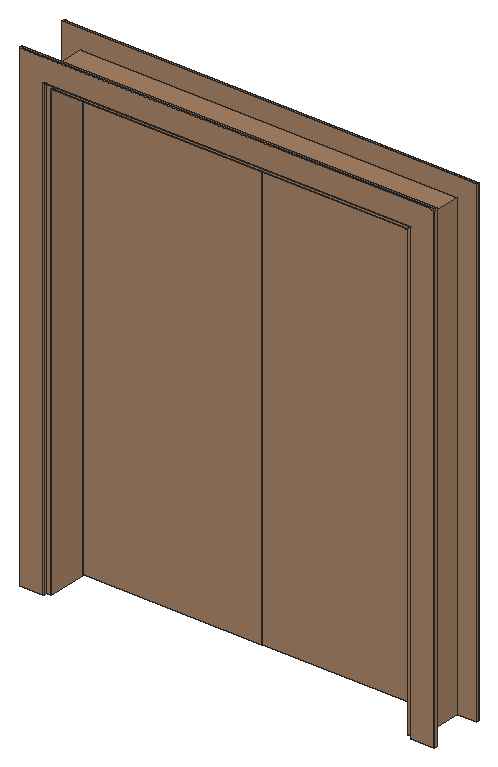
Revit family "DAL_A3-TD06", category Doors, host Wall, Revit 2016
Family settings
  Host = Wall
  Always vertical = Yes
  Cut with Voids When Loaded = No
  Shared = No
  Room Calculation Point = No
Parameters (values of type "TD06 1613 x 2032mm")
  Panel:Semi-Solid [instance] = not(Panel:Braced Battened)  # yes
  Panel:Braced Battened [instance] = no
  Panel Width = "1613"
  Panel Visibility [instance] = not(Over Swing)  # yes
  Panel Height = "2032"
  Over Swing [instance] = no
  Other = "Hinges as supplied by manufacturer. Manufacturer to take note of door weight and to supply hinges accordingly."
  Note = "All quantities & dimensions to be checked on site by contractor prior to ordering of any material, final quantities to be verified by architect. Schedules to be read in conjunction with latest floor layout drawings & finishing schedules."
  Model = ""
  Manufacturer = "Duro Pressings (Pty) Ltd."
  Ironmongery Type [instance] = ""
  Height = 2064 mm
  Wall Closure = By host
  Width = 1677 mm
  Hand [instance] = "DD"
  Function = Interior
  Frame Centre = 57.5 mm
  Door Panel Finish = "Stop with polyfilla spackle. Ensure that surfaces to be coated are clean, dry, firm and dust free. Apply 2-3 coats paint as specified."
  Door Panel Colour [instance] = "To be specified."
  Door Panel = "Purpose Made Semi-solid Medium Duty flush panel door leaf. 40mm thick with masonite veneer faces suitable for painting and edges to match veneer."
  Door Frame Finish = "Red oxide primer factory finish as supplied by manufacturer. Prepare and paint one coat namelcoat zinc chromate metal primer. 1 coat merit universal undercoat and 2 coats gloss enamel paint colour as per finishing schedule."
  Door Frame Colour [instance] = "To be specified."
  Door Frame = "Purpose Made 1,2mm thick pressed metal steel frame with double rebate complete with lugs and base ties as supplied by manufacturer suitable for 115mm wall."
  Description = "Purpose Made"
  Construction Type = "TD06"
  Assembly Code = ""
Reference planes
  plane 1: y = 0
  plane 2 "Center (Left/Right)": x = 0
  plane 3 "Left": x = -838.5
  plane 4 "Right": x = 838.5
  plane 5: z = 2064
  plane 6 "Exterior": y = 110
  plane 7 "Interior": y = -110
  plane 8 "Frame Edge": y = 120
  plane 9 "Frame Centre": y = 52.5
  plane 10 "Wall Edge": y = 110
Forms (mm)
  Sweep 1, solid, material "Door Veneer"
    path origin (0, 110, 0) x (1, 0, 0) y (0, 0, 1)
      loop
        line (838.5, 0) -> (838.5, 2064) -> (-838.5, 2064) -> (-838.5, 0)
    profile "Timber Framre 220mm : Timber Framre 220mm" origin (838.5, 110, 1032) x (-1, 0, 0) y (0, -1, 0)
      loop
        line (22.144, 221) -> (22.144, 231)
        arc (22.144, 231) -> (21.266, 233.121) -> (19.144, 234) r 3
        line (19.144, 234) -> (-82.856, 234)
        arc (-82.856, 234) -> (-84.977, 233.121) -> (-85.856, 231) r 3
        line (-85.856, 231) -> (-85.856, 221) -> (22.144, 221)
      loop
        line (22.144, -1) -> (-85.856, -1) -> (-85.856, -11)
        arc (-85.856, -11) -> (-84.977, -13.121) -> (-82.856, -14) r 3
        line (-82.856, -14) -> (19.144, -14)
        arc (19.144, -14) -> (21.266, -13.121) -> (22.144, -11) r 3
        line (22.144, -11) -> (22.144, -1)
      loop
        line (0, 0) -> (29, 0)
        arc (29, 0) -> (31.121, 0.879) -> (32, 3) r 3
        line (32, 3) -> (32, 44) -> (42, 44)
        arc (42, 44) -> (44.121, 44.879) -> (45, 47) r 3
        line (45, 47) -> (45, 217)
        arc (45, 217) -> (44.121, 219.121) -> (42, 220) r 3
        line (42, 220) -> (0, 220) -> (0, 0)
  Extrusion 2, solid, material "Door Veneer", visible <- "Panel:Semi-Solid"
    sketch origin (-3, 120, 0) x (1, 0, 0) y (0, 0, 1)
      loop
        line (805.5, 3) -> (805.5, 2029) -> (5, 2029) -> (5, 3) -> (805.5, 3)
    from 10 to 50
  Extrusion 3, solid, material "Door Veneer", visible <- "Panel:Semi-Solid"
    sketch origin (1, 120, 0) x (1, 0, 0) y (0, 0, 1)
      loop
        line (-803.5, 3) -> (-3, 3) -> (-3, 2029) -> (-803.5, 2029) -> (-803.5, 3)
    from 10 to 50
Lines and regions (mm)
  Opening 1
    outline origin (-3050, -110, 0) x (1, 0, 0) y (0, 0, 1)
      loop
        line (2211.5, 0) -> (3888.5, 0) -> (3888.5, 2064) -> (2211.5, 2064) -> (2211.5, 0)
  symbolic lines, style "Overhead"
    curve 1: line (-838.5, -110, 0) -> (838.5, -110, 0)
    curve 2: line (-838.5, 110, 0) -> (838.5, 110, 0)
  symbolic lines, style "DoorsPanelProjection", visible <- "Panel Visibility"
    curve 3: line (-803.5, 110, 0) -> (-803.5, 913.5, 0)
    curve 4: line (-759.5, 913.5, 0) -> (-759.5, 110, 0)
    curve 6: line (-803.5, 913.5, 0) -> (-759.5, 913.5, 0)
    curve 7: line (759.5, 925, 0) -> (803.5, 925, 0)
    curve 11: line (803.5, 110, 0) -> (803.5, 913.5, 0)
    curve 12: line (759.5, 913.5, 0) -> (759.5, 110, 0)
    curve 14: line (803.5, 913.5, 0) -> (759.5, 913.5, 0)
  symbolic lines, style "Plan Swing"
    curve 5: arc (-803.5, 913.5, 0) -> (-235.34, 678.16, 0) -> (0, 110, 0) r 803.5
    curve 13: arc (803.5, 913.5, 0) -> (235.34, 678.16, 0) -> (0, 110, 0) r 803.5
  symbolic lines, style "Elevation Swing"
    curve 8: line (802.5, 0, 2029) -> (-802.5, 0, 3)
    curve 9: line (-802.5, 0, 2029) -> (802.5, 0, 3)
  symbolic lines, style "DoorsPanelProjection", visible <- "Over Swing"
    curve 10: line (803.5, 120, 0) -> (1618.5, 120, 0)
Text (mm)
  text "Exterior" at (0, 1615.38, 3698.081), in view "Left"
  text "Exterior" at (0, 1036.032, 3874.932), in view "Right"
Dimensions and locks
  equal spacing: plane 3 "Left", plane 2 "Center (Left/Right)", plane 4 "Right"
  "Width": plane 3 "Left" to plane 4 "Right"
  "Height": plane 5 to host wall
  host wall to plane 5 = 2064 mm  (x2)
  locked: plane 6 "Exterior" to host wall at 0
  locked: plane 7 "Interior" to host wall
  plane 9 "Frame Centre" to plane 10 "Wall Edge" to plane 8 "Frame Edge" = 57.5 mm locked, 10 mm locked
  "Frame Centre": plane 9 "Frame Centre" to plane 6 "Exterior"
  curve 3 to curve 5 = 803.5 mm
  aligned and locked: plane 3 "Left" to Opening 1 sketch curve
  aligned and locked: plane 5 to Opening 1 sketch curve  (x2)
  aligned and locked: Opening 1 sketch curve to plane 4 "Right"
  aligned and locked: Opening 1 sketch curve to level
  aligned and locked: plane 1 to host wall
  aligned and locked: host wall to curve 1
  aligned and locked: curve 1 to host wall
  aligned and locked: host wall to curve 2
  aligned and locked: Extrusion 2 to curve 9
Automatic sketch dimensions
  Sweep 1 sketch curve to plane 3 "Left" = 0 mm
  Sweep 1 sketch curve to plane 4 "Right" = 0 mm
  Sweep 1 sketch curve to level = 0 mm  (x2)
  Sweep 1 sketch curve to plane 5 = 0 mm
  plane 2 "Center (Left/Right)" to Extrusion 2 sketch curve = 2 mm
  plane 4 "Right" to Extrusion 2 sketch curve = 36 mm
  level to Extrusion 2 sketch curve = 3 mm
  plane 5 to Extrusion 2 sketch curve = 35 mm
  Extrusion 3 sketch curve to plane 3 "Left" = 36 mm
  Extrusion 3 sketch curve to plane 2 "Center (Left/Right)" = 2 mm
  level to Extrusion 3 sketch curve = 3 mm
  plane 5 to Extrusion 3 sketch curve = 35 mm
  plane 5 to curve 9 = 35 mm
  plane 5 to curve 8 = 35 mm
  level to curve 9 = 3 mm
  level to curve 8 = 3 mm
  curve 9 to plane 3 "Left" = 36 mm
  curve 8 to plane 3 "Left" = 36 mm
  plane 4 "Right" to curve 8 = 36 mm
  curve 2 to plane 3 "Left" = 0 mm
  curve 5 to plane 2 "Center (Left/Right)" = 0 mm
  curve 2 to plane 4 "Right" = 0 mm
  host wall to curve 1 = 0 mm
  curve 5 to plane 3 "Left" = 35 mm
  curve 3 to curve 6 = 44 mm
  plane 4 "Right" to curve 7 = 79 mm
  plane 4 "Right" to curve 7 = 35 mm
  curve 7 to plane 8 "Frame Edge" = 805 mm
  curve 13 to host wall = 0 mm
  curve 13 to plane 2 "Center (Left/Right)" = 0 mm
  curve 12 to host wall = 0 mm
  curve 11 to host wall = 0 mm
  plane 8 "Frame Edge" to curve 10 = 0 mm
  plane 4 "Right" to curve 12 = 79 mm
  plane 4 "Right" to curve 11 = 35 mm
  curve 10 to plane 4 "Right" = 780 mm
